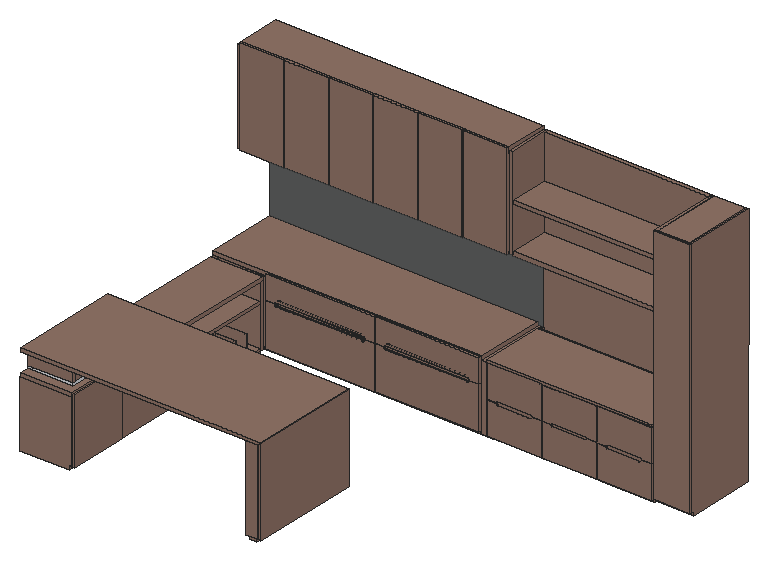
Revit family "T100020", category Furniture, Revit 2022 (continued)
Definition of nested family "OFS SLATE OVERLAY WALLMOUNT ORGANIZER W HINGED DOORS 2H"
  Parameters (values of type "OVERLAY WALLMOUNT ORGANIZER W 6 HINGED DOORS 2H 90"")
    Authoring Version = "Autodesk Revit Architecture 2014"
    Assembly Code = "E2020200"
    6 Doors = yes
    4 Doors = no
    3 Doors = no
    2 Doors = no
  Types (13): name | Width | Model | Description | 6 Doors | 4 Doors | 3 Doors | 2 Doors
    (no name) | 90" | "CA-A9032HDW" | "OFS SLATE OVERLAY WALLMOUNT ORGANIZER WITH 6 HINGED DOORS, 90\" Width, 2 High Cabinet Supports Binder Storage" | yes | no | no | no
    OVERLAY WALLMOUNT ORGANIZER W 2 HINGED DOORS 2H 30" | 30" | "CA-A3032HDW" | "OFS SLATE OVERLAY WALLMOUNT ORGANIZER WITH 2 HINGED DOORS, 30\" Width, 2 High Cabinet Supports Binder Storage" | no | no | no | yes
    OVERLAY WALLMOUNT ORGANIZER W 2 HINGED DOORS 2H 36" | 36" | "CA-A3632HDW" | "OFS SLATE OVERLAY WALLMOUNT ORGANIZER WITH 2 HINGED DOORS, 36\" Width, 2 High Cabinet Supports Binder Storage" | no | no | no | yes
    OVERLAY WALLMOUNT ORGANIZER W 3 HINGED DOORS 2H 54" | 54" | "CA-A5432HDW" | "OFS SLATE OVERLAY WALLMOUNT ORGANIZER WITH 3 HINGED DOORS, 54\" Width, 2 High Cabinet Supports Binder Storage" | no | no | yes | no
    OVERLAY WALLMOUNT ORGANIZER W 4 HINGED DOORS 2H 60" | 60" | "CA-A6032HDW" | "OFS SLATE OVERLAY WALLMOUNT ORGANIZER WITH 4 HINGED DOORS, 60\" Width, 2 High Cabinet Supports Binder Storage" | no | yes | no | no
    OVERLAY WALLMOUNT ORGANIZER W 4 HINGED DOORS 2H 66" | 66" | "CA-A6632HDW" | "OFS SLATE OVERLAY WALLMOUNT ORGANIZER WITH 4 HINGED DOORS, 66\" Width, 2 High Cabinet Supports Binder Storage" | no | yes | no | no
    OVERLAY WALLMOUNT ORGANIZER W 4 HINGED DOORS 2H 72" | 72" | "CA-A7232HDW" | "OFS SLATE OVERLAY WALLMOUNT ORGANIZER WITH 4 HINGED DOORS, 72\" Width, 2 High Cabinet Supports Binder Storage" | no | yes | no | no
    OVERLAY WALLMOUNT ORGANIZER W 4 HINGED DOORS 2H 78" | 78" | "CA-A7832HDW" | "OFS SLATE OVERLAY WALLMOUNT ORGANIZER WITH 4 HINGED DOORS, 78\" Width, 2 High Cabinet Supports Binder Storage" | no | yes | no | no
    OVERLAY WALLMOUNT ORGANIZER W 4 HINGED DOORS 2H 84" | 84" | "CA-A8432HDW" | "OFS SLATE OVERLAY WALLMOUNT ORGANIZER WITH 4 HINGED DOORS, 84\" Width, 2 High Cabinet Supports Binder Storage" | no | yes | no | no
    OVERLAY WALLMOUNT ORGANIZER W 6 HINGED DOORS 2H 90" | 90" | "CA-A9032HDW" | "OFS SLATE OVERLAY WALLMOUNT ORGANIZER WITH 6 HINGED DOORS, 90\" Width, 2 High Cabinet Supports Binder Storage" | yes | no | no | no
    OVERLAY WALLMOUNT ORGANIZER W 6 HINGED DOORS 2H 96" | 96" | "CA-A9632HDW" | "OFS SLATE OVERLAY WALLMOUNT ORGANIZER WITH 6 HINGED DOORS, 96\" Width, 2 High Cabinet Supports Binder Storage" | yes | no | no | no
    OVERLAY WALLMOUNT ORGANIZER W 6 HINGED DOORS 2H 102" | 102" | "CA-A10232HDW" | "OFS SLATE OVERLAY WALLMOUNT ORGANIZER WITH 6 HINGED DOORS, 102\" Width, 2 High Cabinet Supports Binder Storage" | yes | no | no | no
    OVERLAY WALLMOUNT ORGANIZER W 6 HINGED DOORS 2H 108" | 108" | "CA-A10832HDW" | "OFS SLATE OVERLAY WALLMOUNT ORGANIZER WITH 6 HINGED DOORS, 108\" Width, 2 High Cabinet Supports Binder Storage" | yes | no | no | no
  Reference planes (in)
    plane 1 "Center Front/Back": y = 4.5
    plane 2 "Bottom": z = 0
    plane 3 "Center Left/Right": x = 0
    plane 4 "Back": y = 12
    plane 5 "Front": y = -3
    plane 6 "Left": x = -45
    plane 7 "Right": x = 45
    plane 8: z = 81.75
    plane 9: z = 50.25
    plane 10: z = 51.5
    plane 11: z = 80.6875
    plane 12: x = -43.8125
    plane 13: x = 43.8125
    plane 14: y = 11.25
    plane 15: y = -2.25
    plane 16: x = -0.0625
    plane 17: x = 0.0625
    plane 18: x = -43.8125
    plane 19: x = 43.8125
    plane 20: x = -21.90625
    plane 21: x = -21.96875
    plane 22: x = -21.84375
    plane 23: x = 21.90625
    plane 24: x = 21.96875
    plane 25: x = 21.84375
    plane 26: x = -14.60417
    plane 27: x = -14.66667
    plane 28: x = -14.54167
    plane 29: x = 14.60417
    plane 30: x = 14.66667
    plane 31: x = 14.54167
    plane 32: x = -29.20833
    plane 33: x = 29.20833
    plane 34: x = -29.27083
    plane 35: x = -29.14583
    plane 36: x = 29.27083
    plane 37: x = 29.14583
    plane 38: z = 79.9375
    plane 39: x = 44
    plane 40: x = -44
  Forms (in)
    Extrusion 1, solid, material <- "Chasis"
      sketch origin (0, 0, 0) x (1, 0, 0) y (0, 1, 0)
        loop
          line (-43.8125, 12) -> (-43.8125, 11.25) -> (43.8125, 11.25) -> (43.8125, 12) -> (-43.8125, 12)
      from 50.25 to 79.9375
    Extrusion 2, solid, material <- "Chasis"
      sketch origin (0, 0, 0) x (1, 0, 0) y (0, 1, 0)
        loop
          line (-45, 12) -> (-45, -2.25) -> (-43.8125, -2.25) -> (-43.8125, 12) -> (-45, 12)
        loop
          line (43.8125, 12) -> (43.8125, -2.25) -> (45, -2.25) -> (45, 12) -> (43.8125, 12)
      from 50.25 to 80.6875
    Extrusion 3, solid, material <- "Chasis"
      sketch origin (0, 0, 0) x (1, 0, 0) y (0, 1, 0)
        loop
          line (-43.8125, 11.25) -> (-43.8125, -2.25) -> (43.8125, -2.25) -> (43.8125, 11.25) -> (-43.8125, 11.25)
      from 50.25 to 51.5
    Extrusion 4, solid, material <- "Chasis"
      sketch origin (0, 0, 0) x (1, 0, 0) y (0, 1, 0)
        loop
          line (-44, 12) -> (-44, -2.25) -> (44, -2.25) -> (44, 12) -> (-44, 12)
      from 80.6875 to 81.75
    Extrusion 5, solid, material <- "Front Panel Finish", visible <- "4 Doors"
      sketch origin (0, 0, 0) x (0, 1, 0) y (0, 0, 1)
        loop
          line (-3, 81.75) -> (-3, 50.25) -> (-2.625, 50.25) -> (-2.25, 50.625) -> (-2.25, 81.75) -> (-3, 81.75)
      from -43.8125 to -21.96875
    Extrusion 6, solid, material <- "Front Panel Finish", visible <- "6 Doors"
      sketch origin (0, 0, 0) x (0, 1, 0) y (0, 0, 1)
        loop
          line (-3, 81.75) -> (-3, 50.25) -> (-2.625, 50.25) -> (-2.25, 50.625) -> (-2.25, 81.75) -> (-3, 81.75)
      from -43.8125 to -29.27083
    Extrusion 7, solid, material <- "Front Panel Finish", visible <- "4 Doors"
      sketch origin (27, 0, 0) x (0, 1, 0) y (0, 0, 1)
        loop
          line (-3, 81.75) -> (-3, 50.25) -> (-2.625, 50.25) -> (-2.25, 50.625) -> (-2.25, 81.75) -> (-3, 81.75)
      from -48.84375 to -27.0625
    Extrusion 8, solid, material <- "Front Panel Finish", visible <- "4 Doors"
      sketch origin (55, 0, 0) x (0, 1, 0) y (0, 0, 1)
        loop
          line (-3, 81.75) -> (-3, 50.25) -> (-2.625, 50.25) -> (-2.25, 50.625) -> (-2.25, 81.75) -> (-3, 81.75)
      from -54.9375 to -33.03125
    Extrusion 9, solid, material <- "Front Panel Finish", visible <- "4 Doors"
      sketch origin (82, 0, 0) x (0, 1, 0) y (0, 0, 1)
        loop
          line (-3, 81.75) -> (-3, 50.25) -> (-2.625, 50.25) -> (-2.25, 50.625) -> (-2.25, 81.75) -> (-3, 81.75)
      from -60.15625 to -38.1875
    Extrusion 10, solid, material <- "Front Panel Finish", visible <- "3 Doors"
      sketch origin (0, 0, 0) x (0, 1, 0) y (0, 0, 1)
        loop
          line (-3, 81.75) -> (-3, 50.25) -> (-2.625, 50.25) -> (-2.25, 50.625) -> (-2.25, 81.75) -> (-3, 81.75)
      from -43.8125 to -14.54167
    Extrusion 11, solid, material <- "Front Panel Finish", visible <- "3 Doors"
      sketch origin (-17, 0, 0) x (0, 1, 0) y (0, 0, 1)
        loop
          line (-3, 81.75) -> (-3, 50.25) -> (-2.625, 50.25) -> (-2.25, 50.625) -> (-2.25, 81.75) -> (-3, 81.75)
      from 2.33333 to 31.66667
    Extrusion 12, solid, material <- "Front Panel Finish", visible <- "3 Doors"
      sketch origin (-34.25, 0, 0) x (0, 1, 0) y (0, 0, 1)
        loop
          line (-3, 81.75) -> (-3, 50.25) -> (-2.625, 50.25) -> (-2.25, 50.625) -> (-2.25, 81.75) -> (-3, 81.75)
      from 48.79167 to 78.0625
    Extrusion 13, solid, material <- "Front Panel Finish", visible <- "6 Doors"
      sketch origin (17, 0, 0) x (0, 1, 0) y (0, 0, 1)
        loop
          line (-3, 81.75) -> (-3, 50.25) -> (-2.625, 50.25) -> (-2.25, 50.625) -> (-2.25, 81.75) -> (-3, 81.75)
      from -46.14583 to -31.54167
    Extrusion 14, solid, material <- "Front Panel Finish", visible <- "6 Doors"
      sketch origin (35.20833, 0, 0) x (0, 1, 0) y (0, 0, 1)
        loop
          line (-3, 81.75) -> (-3, 50.25) -> (-2.625, 50.25) -> (-2.25, 50.625) -> (-2.25, 81.75) -> (-3, 81.75)
      from -49.875 to -35.27083
    Extrusion 15, solid, material <- "Front Panel Finish", visible <- "6 Doors"
      sketch origin (53.20833, 0, 0) x (0, 1, 0) y (0, 0, 1)
        loop
          line (-3, 81.75) -> (-3, 50.25) -> (-2.625, 50.25) -> (-2.25, 50.625) -> (-2.25, 81.75) -> (-3, 81.75)
      from -53.14583 to -38.54167
    Extrusion 16, solid, material <- "Front Panel Finish", visible <- "6 Doors"
      sketch origin (71.20833, 0, 0) x (0, 1, 0) y (0, 0, 1)
        loop
          line (-3, 81.75) -> (-3, 50.25) -> (-2.625, 50.25) -> (-2.25, 50.625) -> (-2.25, 81.75) -> (-3, 81.75)
      from -56.66667 to -41.9375
    Extrusion 17, solid, material <- "Front Panel Finish", visible <- "6 Doors"
      sketch origin (89.20833, 0, 0) x (0, 1, 0) y (0, 0, 1)
        loop
          line (-3, 81.75) -> (-3, 50.25) -> (-2.625, 50.25) -> (-2.25, 50.625) -> (-2.25, 81.75) -> (-3, 81.75)
      from -60.0625 to -45.39583
    Extrusion 18, solid, material <- "Front Panel Finish", visible <- "2 Doors"
      sketch origin (35.20833, 0, 0) x (0, 1, 0) y (0, 0, 1)
        loop
          line (-3, 81.75) -> (-3, 50.25) -> (-2.625, 50.25) -> (-2.25, 50.625) -> (-2.25, 81.75) -> (-3, 81.75)
      from -79.02083 to -35.27083
    Extrusion 19, solid, material <- "Front Panel Finish", visible <- "2 Doors"
      sketch origin (53.20833, 0, 0) x (0, 1, 0) y (0, 0, 1)
        loop
          line (-3, 81.75) -> (-3, 50.25) -> (-2.625, 50.25) -> (-2.25, 50.625) -> (-2.25, 81.75) -> (-3, 81.75)
      from -53.14583 to -9.39583
    Extrusion 20, solid, material <- "Chasis"
      sketch origin (0, 0, 0) x (1, 0, 0) y (0, 1, 0)
        loop
          line (-43.8125, 12) -> (-43.8125, -2.25) -> (43.8125, -2.25) -> (43.8125, 12) -> (-43.8125, 12)
      from 79.9375 to 80.6875
  Dimensions and locks (in)
    equal spacing: plane 5 "Front", plane 1 "Center Front/Back", plane 4 "Back"
    "Depth": plane 4 "Back" to plane 5 "Front"
    equal spacing: plane 6 "Left", plane 3 "Center Left/Right", plane 7 "Right"
    "Width": plane 6 "Left" to plane 7 "Right"
    "Front Board Thickness": plane 15 to plane 5 "Front"
    "Back Board Thickness": plane 14 to plane 4 "Back"
    "Board Thickness": plane 6 "Left" to plane 12
    "Board Thickness": plane 13 to plane 7 "Right"
    "Top Board Thickness": plane 8 to plane 11
    "Bottom Board Thickness": plane 10 to plane 9
    "Height From Floor": plane 9 to plane 2 "Bottom"
    "Height": plane 8 to plane 9
    equal spacing: plane 16, plane 3 "Center Left/Right", plane 17
    "Gap1": plane 16 to plane 17
    "Board Thickness": plane 6 "Left" to plane 18
    "Board Thickness": plane 19 to plane 7 "Right"
    equal spacing: plane 21, plane 20, plane 22
    "Gap1": plane 21 to plane 22
    equal spacing: plane 18, plane 20, plane 3 "Center Left/Right"
    equal spacing: plane 24, plane 23, plane 25
    equal spacing: plane 19, plane 23, plane 3 "Center Left/Right"
    "Gap1": plane 25 to plane 24
    equal spacing: plane 27, plane 26, plane 28
    "Gap1": plane 27 to plane 28
    equal spacing: plane 30, plane 29, plane 31
    "Gap1": plane 30 to plane 31
    equal spacing: plane 18, plane 26, plane 29, plane 19
    equal spacing: plane 18, plane 32, plane 26
    equal spacing: plane 19, plane 33, plane 29
    equal spacing: plane 34, plane 32, plane 35
    "Gap1": plane 34 to plane 35
    equal spacing: plane 37, plane 33, plane 36
    "Gap1": plane 37 to plane 36
    "Front Board Thickness": plane 11 to plane 38
    locked: plane 13 to plane 39 at 0.1875
    locked: plane 12 to plane 40 at 0.1875
    aligned and locked: level to plane 2 "Bottom"
    aligned and locked: plane 4 "Back" to Extrusion 1 sketch curve
    aligned and locked: Extrusion 1 sketch curve to plane 14
    aligned and locked: plane 4 "Back" to Extrusion 2 sketch curve  (x2)
    aligned and locked: plane 6 "Left" to Extrusion 2 sketch curve
    aligned and locked: plane 15 to Extrusion 2 sketch curve  (x2)
    aligned and locked: plane 7 "Right" to Extrusion 2 sketch curve
    aligned and locked: plane 12 to Extrusion 3 sketch curve
    aligned and locked: plane 14 to Extrusion 3 sketch curve
    aligned and locked: plane 13 to Extrusion 3 sketch curve
    aligned and locked: plane 15 to Extrusion 3 sketch curve
    aligned and locked: plane 10 to Extrusion 3
    aligned and locked: Extrusion 3 to plane 9
    aligned and locked: plane 15 to Extrusion 4 sketch curve
    aligned and locked: Extrusion 5 sketch curve to plane 5 "Front"
    aligned and locked: Extrusion 5 sketch curve to plane 15
    aligned and locked: plane 8 to Extrusion 5 sketch curve
    aligned and locked: Extrusion 5 to plane 18
    aligned and locked: plane 21 to Extrusion 5
    aligned and locked: plane 22 to Extrusion 7
    aligned and locked: plane 16 to Extrusion 7
    aligned and locked: plane 17 to Extrusion 8
    aligned and locked: Extrusion 8 to plane 24
    aligned and locked: Extrusion 9 to plane 25
    aligned and locked: Extrusion 9 to plane 19
    aligned and locked: Extrusion 10 to plane 28
    aligned and locked: Extrusion 10 to plane 18
    aligned and locked: Extrusion 11 to plane 30
    aligned and locked: Extrusion 11 to plane 27
    aligned and locked: Extrusion 12 to plane 19
    aligned and locked: Extrusion 12 to plane 31
    aligned and locked: Extrusion 6 to plane 18
    aligned and locked: plane 34 to Extrusion 6
    aligned and locked: plane 35 to Extrusion 13
    aligned and locked: Extrusion 13 to plane 28
    aligned and locked: Extrusion 14 to plane 27
    aligned and locked: plane 16 to Extrusion 14
    aligned and locked: plane 17 to Extrusion 15
    aligned and locked: Extrusion 15 to plane 30
    aligned and locked: Extrusion 16 to plane 31
    aligned and locked: plane 36 to Extrusion 16
    aligned and locked: plane 37 to Extrusion 17
    aligned and locked: Extrusion 17 to plane 19
    aligned and locked: plane 17 to Extrusion 19
    aligned and locked: plane 16 to Extrusion 18
    aligned and locked: Extrusion 18 to plane 18
    aligned and locked: Extrusion 19 to plane 19
    aligned and locked: plane 4 "Back" to Extrusion 20 sketch curve
    aligned and locked: plane 15 to Extrusion 20 sketch curve
    aligned and locked: plane 12 to Extrusion 2
    aligned and locked: plane 13 to Extrusion 2
    aligned and locked: Extrusion 4 to plane 40
    aligned and locked: Extrusion 1 to plane 12
    aligned and locked: Extrusion 20 to plane 12
    aligned and locked: Extrusion 1 to plane 13
    aligned and locked: Extrusion 20 to plane 13
    aligned and locked: plane 8 to Extrusion 4
    aligned and locked: plane 11 to Extrusion 2
    aligned and locked: Extrusion 4 to plane 11
    aligned and locked: plane 11 to Extrusion 20
    aligned and locked: Extrusion 20 to plane 38
    aligned and locked: plane 38 to Extrusion 1
    aligned and locked: Extrusion 2 to plane 9
    aligned and locked: Extrusion 1 to plane 9
  Automatic sketch dimensions
    plane 4 "Back" to Extrusion 4 sketch curve = 0"
    Extrusion 5 sketch curve to plane 9 = 0"
    plane 5 "Front" to Extrusion 5 sketch curve = 3/8"
    plane 9 to Extrusion 5 sketch curve = 3/8"
    Extrusion 6 sketch curve to plane 5 "Front" = 0"
    Extrusion 6 sketch curve to plane 9 = 0"
    Extrusion 6 sketch curve to plane 8 = 0"
    Extrusion 6 sketch curve to plane 15 = 0"
    plane 5 "Front" to Extrusion 6 sketch curve = 3/8"
    plane 9 to Extrusion 6 sketch curve = 3/8"
    Extrusion 7 sketch curve to plane 5 "Front" = 0"
    Extrusion 7 sketch curve to plane 9 = 0"
    Extrusion 7 sketch curve to plane 8 = 0"
    Extrusion 7 sketch curve to plane 15 = 0"
    plane 5 "Front" to Extrusion 7 sketch curve = 3/8"
    plane 9 to Extrusion 7 sketch curve = 3/8"
    Extrusion 8 sketch curve to plane 5 "Front" = 0"
    Extrusion 8 sketch curve to plane 9 = 0"
    Extrusion 8 sketch curve to plane 8 = 0"
    Extrusion 8 sketch curve to plane 15 = 0"
    plane 5 "Front" to Extrusion 8 sketch curve = 3/8"
    plane 9 to Extrusion 8 sketch curve = 3/8"
    Extrusion 9 sketch curve to plane 5 "Front" = 0"
    Extrusion 9 sketch curve to plane 9 = 0"
    Extrusion 9 sketch curve to plane 8 = 0"
    Extrusion 9 sketch curve to plane 15 = 0"
    plane 5 "Front" to Extrusion 9 sketch curve = 3/8"
    plane 9 to Extrusion 9 sketch curve = 3/8"
    Extrusion 10 sketch curve to plane 5 "Front" = 0"
    Extrusion 10 sketch curve to plane 9 = 0"
    Extrusion 10 sketch curve to plane 8 = 0"
    Extrusion 10 sketch curve to plane 15 = 0"
    plane 5 "Front" to Extrusion 10 sketch curve = 3/8"
    plane 9 to Extrusion 10 sketch curve = 3/8"
    Extrusion 11 sketch curve to plane 5 "Front" = 0"
    Extrusion 11 sketch curve to plane 9 = 0"
    Extrusion 11 sketch curve to plane 8 = 0"
    Extrusion 11 sketch curve to plane 15 = 0"
    Extrusion 11 sketch curve to Extrusion 11 sketch curve = 3/8"
    plane 9 to Extrusion 11 sketch curve = 3/8"
    Extrusion 12 sketch curve to plane 5 "Front" = 0"
    Extrusion 12 sketch curve to plane 9 = 0"
    Extrusion 12 sketch curve to plane 8 = 0"
    Extrusion 12 sketch curve to plane 15 = 0"
    Extrusion 12 sketch curve to Extrusion 12 sketch curve = 3/8"
    plane 9 to Extrusion 12 sketch curve = 3/8"
    Extrusion 13 sketch curve to plane 5 "Front" = 0"
    Extrusion 13 sketch curve to plane 9 = 0"
    Extrusion 13 sketch curve to plane 8 = 0"
    Extrusion 13 sketch curve to plane 15 = 0"
    plane 5 "Front" to Extrusion 13 sketch curve = 3/8"
    plane 9 to Extrusion 13 sketch curve = 3/8"
    Extrusion 14 sketch curve to plane 5 "Front" = 0"
    Extrusion 14 sketch curve to plane 9 = 0"
    Extrusion 14 sketch curve to plane 8 = 0"
    Extrusion 14 sketch curve to plane 15 = 0"
    plane 5 "Front" to Extrusion 14 sketch curve = 3/8"
    plane 9 to Extrusion 14 sketch curve = 3/8"
    Extrusion 15 sketch curve to plane 5 "Front" = 0"
    Extrusion 15 sketch curve to plane 9 = 0"
    Extrusion 15 sketch curve to plane 8 = 0"
    Extrusion 15 sketch curve to plane 15 = 0"
    plane 5 "Front" to Extrusion 15 sketch curve = 3/8"
    plane 9 to Extrusion 15 sketch curve = 3/8"
    Extrusion 16 sketch curve to plane 5 "Front" = 0"
    Extrusion 16 sketch curve to plane 9 = 0"
    Extrusion 16 sketch curve to plane 8 = 0"
    Extrusion 16 sketch curve to plane 15 = 0"
    plane 5 "Front" to Extrusion 16 sketch curve = 3/8"
    plane 9 to Extrusion 16 sketch curve = 3/8"
    Extrusion 17 sketch curve to plane 5 "Front" = 0"
    Extrusion 17 sketch curve to plane 9 = 0"
    Extrusion 17 sketch curve to plane 8 = 0"
    Extrusion 17 sketch curve to plane 15 = 0"
    plane 5 "Front" to Extrusion 17 sketch curve = 3/8"
    plane 9 to Extrusion 17 sketch curve = 3/8"
    Extrusion 18 sketch curve to plane 5 "Front" = 0"
    Extrusion 18 sketch curve to plane 9 = 0"
    Extrusion 18 sketch curve to plane 8 = 0"
    Extrusion 18 sketch curve to plane 15 = 0"
    plane 5 "Front" to Extrusion 18 sketch curve = 3/8"
    plane 9 to Extrusion 18 sketch curve = 3/8"
    Extrusion 19 sketch curve to plane 5 "Front" = 0"
    Extrusion 19 sketch curve to plane 9 = 0"
    Extrusion 19 sketch curve to plane 8 = 0"
    Extrusion 19 sketch curve to plane 15 = 0"
    plane 5 "Front" to Extrusion 19 sketch curve = 3/8"
    plane 9 to Extrusion 19 sketch curve = 3/8"
    plane 13 to Extrusion 1 sketch curve = 0"
    plane 12 to Extrusion 1 sketch curve = 0"
    plane 12 to Extrusion 20 sketch curve = 0"
    plane 13 to Extrusion 20 sketch curve = 0"
    plane 13 to Extrusion 2 sketch curve = 0"
    plane 12 to Extrusion 2 sketch curve = 0"
    Extrusion 4 sketch curve to plane 13 = 3/16"
    Extrusion 4 sketch curve to plane 12 = 3/16"
Definition of nested family "OFS SLATE WORKWALL LOW HEIGHT CORNER DOCK"
  Parameters (values of type "SLATE WORKWALL LOW HEIGHT OVERLAY CORNER DOCK-CREDENZA LATERAL FILE 90W Left")
    Width [instance] = 90"
    URL = "http://www.ofs.com/"
    Top [instance] = none
    Right Sided = no
    Panel [instance] = none
    Model = "CA-AB9025LCDFSBF"
    Manufacturer = "OFS"
    Length 2 = 34 3/16"
    Length 1 = 16 1/4"
    Left Sided = yes
    Height = 24 1/2"
    Glides [instance] = none
    Drawers [instance] = none
    Description = "OFS SLATE WORKWALL LOW HEIGHT OVERLAY CORNER DOCK - CREDENZA LATERAL FILE,  90\" Width, Left Sided"
    Depth = 25.50068"
    Default Elevation = 0"
    Copyright © = "© 2019 OFS"
    Catalog = "OFS"
    Case [instance] = none
    Base [instance] = none
    Authoring Version = "Autodesk Revit Architecture 2014"
    Assembly Code = "E2020200"
  Types (5): name | Width | Right Sided | Model | Length 2 | Length 1 | Left Sided | Description
    (no name) | 90" | no | "CA-AB9025LCDFSBF" | 34 3/16" | 16 1/4" | yes | "OFS SLATE WORKWALL LOW HEIGHT OVERLAY CORNER DOCK - CREDENZA LATERAL FILE,  90\" Width, Left Sided"
    SLATE WORKWALL LOW HEIGHT OVERLAY CORNER DOCK-CREDENZA LATERAL FILE 72W Left | 78" | no | "CA-AB7825LCDFSBF" | 28 3/16" | 16 1/4" | yes | "OFS SLATE WORKWALL LOW HEIGHT OVERLAY CORNER DOCK - CREDENZA LATERAL FILE,  72\" Width, Left Sided"
    SLATE WORKWALL LOW HEIGHT OVERLAY CORNER DOCK-CREDENZA LATERAL FILE 72W Right | 78" | yes | "CA-AB7825RCDFSBF" | 16 1/4" | 28 3/16" | no | "OFS SLATE WORKWALL LOW HEIGHT OVERLAY CORNER DOCK - CREDENZA LATERAL FILE,  72\" Width, Right Sided"
    SLATE WORKWALL LOW HEIGHT OVERLAY CORNER DOCK-CREDENZA LATERAL FILE 90W Right | 90" | yes | "CA-AB9025RCDFSBF" | 16 1/4" | 34 3/16" | no | "OFS SLATE WORKWALL LOW HEIGHT OVERLAY CORNER DOCK - CREDENZA LATERAL FILE,  90\" Width, Right Sided"
    SLATE WORKWALL LOW HEIGHT OVERLAY CORNER DOCK-CREDENZA LATERAL FILE 90W Left | 90" | no | "CA-AB9025LCDFSBF" | 34 3/16" | 16 1/4" | yes | "OFS SLATE WORKWALL LOW HEIGHT OVERLAY CORNER DOCK - CREDENZA LATERAL FILE,  90\" Width, Left Sided"
  Reference planes (in)
    plane 1 "Center (Front/Back)": y = 0
    plane 2: z = 0
    plane 3 "Left": x = -30
    plane 4: x = 59.25
    plane 5: x = 60
    plane 6: x = -29.25
    plane 7: y = -23.91406
    plane 8: y = -25.50068
    plane 9: y = -23.03906
    plane 10: x = -29.875
    plane 11: x = 59.875
    plane 12: z = 0.45
    plane 13: z = 24.5
    plane 14: y = -1.38677
    plane 15: y = -21.16406
    plane 16: y = -11.5625
    plane 17: x = 15
    plane 18: x = -11.9375
    plane 19: x = 24
    plane 20: x = -28.1875
    plane 21: x = 58.1875
    plane 22: x = 58.0625
    plane 23: z = 22.125
    plane 24: x = -28.0625
    plane 25: x = -15.4375
    plane 26: x = -24.5625
    plane 27: x = 27.5
    plane 28: x = 54.5625
    plane 29: x = -8.4375
    plane 30: x = 20.5
  Forms (in)
    Revolve 1, solid, material <- "Glides"
      sketch origin (1.0178, -1.38677, 47.24409) x (-1, 0, 0) y (0, 0, 1)
        loop
          line (30.04905, -46.79409) -> (30.04905, -47.24409) -> (30.29405, -47.24409)
          arc (30.29405, -47.24409) -> (30.42215, -47.13626) -> (30.33773, -46.99165) r 0.13
          line (30.33773, -46.99165) -> (30.29905, -46.99165) -> (30.29905, -46.79409) -> (30.04905, -46.79409)
        axis (30.04905, -46.79409) -> (30.04905, -47.24409)
      angle from 0 to 360
    Revolve 2, solid, material <- "Glides"
      sketch origin (70.9822, -1.38677, 47.24409) x (1, 0, 0) y (0, 0, -1)
        loop
          line (-11.95095, 46.79409) -> (-11.70095, 46.79409) -> (-11.70095, 46.99165) -> (-11.66227, 46.99165)
          arc (-11.66227, 46.99165) -> (-11.57785, 47.13626) -> (-11.70595, 47.24409) r 0.13
          line (-11.70595, 47.24409) -> (-11.95095, 47.24409) -> (-11.95095, 46.79409)
        axis (-11.95095, 46.79409) -> (-11.95095, 47.24409)
      angle from 0 to 360
    Revolve 3, solid, material <- "Glides"
      sketch origin (1.0178, -21.16406, 47.24409) x (-1, 0, 0) y (0, 0, 1)
        loop
          line (-58.01344, -46.79409) -> (-58.26344, -46.79409) -> (-58.26344, -46.99165) -> (-58.30212, -46.99165)
          arc (-58.30212, -46.99165) -> (-58.38654, -47.13626) -> (-58.25844, -47.24409) r 0.13
          line (-58.25844, -47.24409) -> (-58.01344, -47.24409) -> (-58.01344, -46.79409)
        axis (-58.01344, -46.79409) -> (-58.01344, -47.24409)
      angle from 0 to 360
    Revolve 4, solid, material <- "Glides"
      sketch origin (1.0178, -21.16406, 47.24409) x (-1, 0, 0) y (0, 0, 1)
        loop
          line (30.04905, -46.79409) -> (30.04905, -47.24409) -> (30.29405, -47.24409)
          arc (30.29405, -47.24409) -> (30.42215, -47.13626) -> (30.33773, -46.99165) r 0.13
          line (30.33773, -46.99165) -> (30.29905, -46.99165) -> (30.29905, -46.79409) -> (30.04905, -46.79409)
        axis (30.04905, -46.79409) -> (30.04905, -47.24409)
      angle from 0 to 360
    Sweep 5, solid, material <- "Panel"
      path origin (-60.07556, -60, 0.45) x (-1, 0, 0) y (0, -1, 0)
        loop
          line (-120.07556, -36.96094) -> (-30.07556, -36.96094)
      profile origin (15, -23.03906, 0.45) x (0, -1, 0) y (0, 0, 1)
        loop
          line (-0.75, 0) -> (0, 0) -> (0, 1.25) -> (-0.75, 1.25) -> (-0.75, 0)
    Extrusion 6, solid, material <- "Case"
      sketch origin (-30, 0, 0) x (0, 1, 0) y (0, 0, 1)
        loop
          line (0, 22.125) -> (-0.76133, 22.125) -> (-0.76133, 0.45) -> (0, 0.45) -> (0, 22.125)
      from 1.9375 to 88.0625
    Extrusion 7, solid, material <- "Panel"
      sketch origin (0, 0, 0) x (1, 0, 0) y (0, 0, 1)
        loop
          line (-30, 23.3125) -> (-30, 1.7) -> (-28.0625, 1.7) -> (-28.0625, 23.3125) -> (-30, 23.3125)
        loop
          line (58.0625, 23.3125) -> (58.0625, 1.7) -> (60, 1.7) -> (60, 23.3125) -> (58.0625, 23.3125)
      from 0 to 24.75
    Extrusion 8, solid, material <- "Base"
      sketch origin (-3.76383, -25.50068, 47.24409) x (-1, 0, 0) y (0, 0, 1)
        loop
          line (24.29867, -44.79409) -> (-61.82633, -44.79409) -> (-61.82633, -45.54409) -> (24.29867, -45.54409) -> (24.29867, -44.79409)
      from 0.83661 to 24.83661
    Extrusion 9, solid, material <- "Top", visible <- "Right Sided"
      sketch origin (-28.1875, -27.03977, 47.24409) x (0, -1, 0) y (0, 0, 1)
        loop
          line (-25.653, -22.74409) -> (-25.653, -23.9316) -> (-2.3757, -23.9316) -> (-2.3757, -22.74409) -> (-25.653, -22.74409)
      from 0 to -88.1875
    Extrusion 10, solid, material <- "Panel"
      sketch origin (-60.07556, -60, 0.45) x (-1, 0, 0) y (0, -1, 0)
        loop
          line (-32.01306, -38.89844) -> (-32.01306, -60) -> (-30.07556, -60) -> (-30.07556, -36.96094) -> (-32.01306, -38.89844)
        loop
          line (-118.13806, -38.89844) -> (-120.07556, -36.96094) -> (-120.07556, -60) -> (-118.13806, -60) -> (-118.13806, -38.89844)
      from 0 to 1.25
    Extrusion 11, solid, material <- "Drawers", visible <- "Left Sided"
      sketch origin (-3.76383, -25.50068, 47.24409) x (-1, 0, 0) y (0, 0, 1)
        loop
          line (-27.70133, -22.8066) -> (-27.70133, -30.57535) -> (8.11117, -30.57535) -> (8.11117, -22.8066) -> (-27.70133, -22.8066)
        loop
          line (-27.70133, -30.70035) -> (-27.70133, -44.79409) -> (8.11117, -44.79409) -> (8.11117, -30.70035) -> (-27.70133, -30.70035)
        loop
          line (-61.82633, -22.8066) -> (-61.82633, -30.57535) -> (-27.82633, -30.57535) -> (-27.82633, -22.8066) -> (-61.82633, -22.8066)
        loop
          line (-61.82633, -30.70035) -> (-61.82633, -44.79409) -> (-27.82633, -44.79409) -> (-27.82633, -30.70035) -> (-61.82633, -30.70035)
      from 0 to 0.75
    Extrusion 12, solid, material <- "Drawers", visible <- "Right Sided"
      sketch origin (0, 0, 0) x (1, 0, 0) y (0, 0, 1)
        loop
          line (-28.0625, 2.45) -> (-12, 2.45) -> (-12, 16.54375) -> (-28.0625, 16.54375) -> (-28.0625, 2.45)
        loop
          line (-11.875, 24.5) -> (-11.875, 16.66875) -> (23.9375, 16.66875) -> (23.9375, 24.5) -> (-11.875, 24.5)
        loop
          line (23.9375, 16.54375) -> (-11.875, 16.54375) -> (-11.875, 2.45) -> (23.9375, 2.45) -> (23.9375, 16.54375)
        loop
          line (-12, 24.5) -> (-28.0625, 24.5) -> (-28.0625, 16.66875) -> (-12, 16.66875) -> (-12, 24.5)
      from 24.75068 to 25.50068
    Extrusion 13, solid, material <- "Panel", visible <- "Left Sided"
      sketch origin (0, 0, 0) x (1, 0, 0) y (0, 0, 1)
        loop
          line (-12, 2.45) -> (-12, 23.3125) -> (-28.0625, 23.3125) -> (-28.0625, 2.45) -> (-12, 2.45)
        loop
          line (-15.4375, 6.825) -> (-15.4375, 18.075)
          arc (-15.4375, 18.075) -> (-15.54733, 18.34017) -> (-15.8125, 18.45) r 0.375
          line (-15.8125, 18.45) -> (-24.1875, 18.45)
          arc (-24.1875, 18.45) -> (-24.45267, 18.34017) -> (-24.5625, 18.075) r 0.375
          line (-24.5625, 18.075) -> (-24.5625, 6.825)
          arc (-24.5625, 6.825) -> (-24.45267, 6.55984) -> (-24.1875, 6.45) r 0.375
          line (-24.1875, 6.45) -> (-15.8125, 6.45)
          arc (-15.8125, 6.45) -> (-15.54733, 6.55984) -> (-15.4375, 6.825) r 0.375
      from 23.91406 to 24.75
    Extrusion 14, solid, material <- "Panel", visible <- "Right Sided"
      sketch origin (0, 0, 0) x (1, 0, 0) y (0, 0, 1)
        loop
          line (54.5625, 6.825) -> (54.5625, 18.075)
          arc (54.5625, 18.075) -> (54.45267, 18.34017) -> (54.1875, 18.45) r 0.375
          line (54.1875, 18.45) -> (27.875, 18.45)
          arc (27.875, 18.45) -> (27.60983, 18.34017) -> (27.5, 18.075) r 0.375
          line (27.5, 18.075) -> (27.5, 6.825)
          arc (27.5, 6.825) -> (27.60983, 6.55984) -> (27.875, 6.45) r 0.375
          line (27.875, 6.45) -> (54.1875, 6.45)
          arc (54.1875, 6.45) -> (54.45267, 6.55984) -> (54.5625, 6.825) r 0.375
        loop
          line (24, 1.7) -> (58.0625, 1.7) -> (58.0625, 23.3125) -> (24, 23.3125) -> (24, 1.7)
      from 23.91406 to 24.75
    Extrusion 15, solid, material <- "Top", visible <- "Left Sided"
      sketch origin (-28.1875, -27.03977, 50.99409) x (0, -1, 0) y (0, 0, 1)
        loop
          line (-25.653, -26.49409) -> (-25.653, -27.6816) -> (-2.3757, -27.6816) -> (-2.3757, -26.49409) -> (-25.653, -26.49409)
      from 1.8125 to -86.375
    Sweep 16, void
      path origin (-11.75673, -25.50068, 53.13159) x (-1, 0, 0) y (0, 0, 1)
        loop
          line (-3.31923, -35.71358) -> (-32.25673, -35.71358)
          arc (-32.25673, -35.71358) -> (-33.06849, -36.52535) -> (-32.25673, -37.33711) r 0.81176
          line (-32.25673, -37.33711) -> (-3.31923, -37.33711)
          arc (-3.31923, -37.33711) -> (-2.50746, -36.52535) -> (-3.31923, -35.71358) r 0.81176
      profile origin (6.03125, -25.50068, 17.41801) x (0, 0, -1) y (0, 1, 0)
        loop
          line (0.74926, 0) -> (0.74926, 0.59375) -> (0.23364, 0.59375)
          arc (0.23364, 0.59375) -> (0.00071, 0.38112) -> (0.19126, 0.12981) r 0.2339
          arc (0.19126, 0.12981) -> (0.23287, 0.10547) -> (0.24927, 0.06015) r 0.07084
          line (0.24927, 0.06015) -> (0.24927, 0) -> (0.74926, 0)
    Sweep 17, void
      path origin (-45.75673, -25.50068, 53.13159) x (-1, 0, 0) y (0, 0, 1)
        loop
          line (-21.19423, -35.71358) -> (-30.31923, -35.71358)
          arc (-30.31923, -35.71358) -> (-31.13099, -36.52535) -> (-30.31923, -37.33711) r 0.81176
          line (-30.31923, -37.33711) -> (-21.19423, -37.33711)
          arc (-21.19423, -37.33711) -> (-20.38246, -36.52535) -> (-21.19423, -35.71358) r 0.81176
      profile origin (-20, -25.50068, 17.41801) x (0, 0, -1) y (0, 1, 0)
        loop
          line (0.74926, 0) -> (0.74926, 0.59375) -> (0.23364, 0.59375)
          arc (0.23364, 0.59375) -> (0.00071, 0.38112) -> (0.19126, 0.12981) r 0.2339
          arc (0.19126, 0.12981) -> (0.23287, 0.10547) -> (0.24927, 0.06015) r 0.07084
          line (0.24927, 0.06015) -> (0.24927, 0) -> (0.74926, 0)
    Sweep 18, void
      path origin (24.24327, -25.50068, 53.13159) x (-1, 0, 0) y (0, 0, 1)
        loop
          line (-3.25673, -35.71358) -> (-30.31923, -35.71358)
          arc (-30.31923, -35.71358) -> (-31.13099, -36.52535) -> (-30.31923, -37.33711) r 0.81176
          line (-30.31923, -37.33711) -> (-3.25673, -37.33711)
          arc (-3.25673, -37.33711) -> (-2.44496, -36.52535) -> (-3.25673, -35.71358) r 0.81176
      profile origin (41.03125, -25.50068, 17.41801) x (0, 0, -1) y (0, 1, 0)
        loop
          line (0.74926, 0) -> (0.74926, 0.59375) -> (0.23364, 0.59375)
          arc (0.23364, 0.59375) -> (0.00071, 0.38112) -> (0.19126, 0.12981) r 0.2339
          arc (0.19126, 0.12981) -> (0.23287, 0.10547) -> (0.24927, 0.06015) r 0.07084
          line (0.24927, 0.06015) -> (0.24927, 0) -> (0.74926, 0)
    Extrusion 19, void
      sketch origin (-30, 0, 0) x (0, 1, 0) y (0, 0, 1)
        loop
          line (0, 24.5) -> (-1.38677, 24.5) -> (-1.38677, 22.125) -> (0, 22.125) -> (0, 24.5)
      from -9.22374 to 96.63741
  Cuts and joins
    joined: Revolve 1, Revolve 2, Revolve 3, Revolve 4
    joined: Sweep 5, Extrusion 10
    Sweep 16, Sweep 17 cuts Extrusion 12
    Sweep 16, Sweep 18 cuts Extrusion 11
    Extrusion 19 cuts Extrusion 7
  Lines and regions (in)
    Masking region 1
      outline origin (77.82463, -60, 24.5) x (0, -1, 0) y (1, 0, 0)
        loop
          line (-60, -107.82463) -> (-34.49932, -107.82463) -> (-34.49932, -17.82463) -> (-60, -17.82463) -> (-60, -107.82463)
  Dimensions and locks (in)
    "Width": plane 3 "Left" to plane 5
    equal spacing: plane 3 "Left", plane 17, plane 5
    locked: Extrusion 7 sketch curve to plane 3 "Left" at 1.9375
    locked: plane 20 to Extrusion 8 sketch curve at 0.125
    Extrusion 10 sketch curve to Extrusion 10 sketch curve to plane 9 = 0" locked, 1 15/16" locked
    locked: plane 3 "Left" to Extrusion 10 sketch curve at 1.9375
    plane 3 "Left" to plane 10 to plane 6 to plane 20 to plane 24 = 1/8" locked, 5/8" locked, 1 1/16" locked, 1/8" locked
    plane 22 to plane 21 to plane 4 to plane 11 to plane 5 = 1/8" locked, 1 1/16" locked, 5/8" locked, 1/8" locked
    "Length 1": plane 20 to plane 18
    "Length 2": plane 19 to plane 21
    locked: plane 23 to plane 13 at 2.375
    locked: plane 18 to Extrusion 11 sketch curve at 0.0625
    Extrusion 11 sketch curve to plane 19 to Extrusion 11 sketch curve = 1/16" locked, 1/16" locked
    "Depth": plane 8 to plane 1 "Center (Front/Back)"
    "Height": plane 13 to level
    Extrusion 12 sketch curve to plane 18 to Extrusion 11 = 1/16" locked, 1/16" locked
    locked: plane 19 to Extrusion 12 sketch curve at 0.0625
    locked: plane 18 to Extrusion 12 at 0.0625
    locked: plane 24 to plane 26 at 3.5
    locked: plane 25 to plane 18 at 3.5
    locked: plane 22 to plane 28 at 3.5
    locked: plane 27 to plane 19 at 3.5
    locked: plane 19 to Extrusion 11 at 0.0625
    locked: plane 18 to plane 29 at 3.5
    locked: plane 19 to plane 30 at 3.5
    aligned and locked: level to plane 2
    aligned and locked: plane 9 to Sweep 5 sketch curve
    aligned and locked: Extrusion 6 to plane 22
    aligned and locked: Extrusion 7 sketch curve to plane 22
    aligned and locked: Extrusion 10 sketch curve to plane 22
    aligned and locked: plane 5 to Extrusion 10 sketch curve
    aligned and locked: plane 9 to Extrusion 10 sketch curve  (x2)
    aligned and locked: Extrusion 10 sketch curve to plane 3 "Left"
    aligned and locked: plane 22 to Extrusion 8 sketch curve
    aligned and locked: Masking region 1 sketch curve to Extrusion 7
    aligned and locked: Extrusion 11 sketch curve to Extrusion 11 sketch curve  (x4)
    aligned and locked: Extrusion 11 sketch curve to plane 22
    aligned and locked: Extrusion 9 to Extrusion 12 sketch curve
    aligned and locked: plane 13 to Extrusion 12 sketch curve
    aligned and locked: Extrusion 13 sketch curve to plane 24
    aligned and locked: Extrusion 13 sketch curve to plane 26
    aligned and locked: plane 28 to Extrusion 14 sketch curve
    aligned and locked: plane 27 to Extrusion 14 sketch curve
    aligned and locked: Extrusion 14 sketch curve to plane 22
    aligned and locked: Extrusion 15 to plane 3 "Left"
    aligned and locked: plane 21 to Extrusion 15
    aligned and locked: Extrusion 9 to plane 5
    aligned and locked: plane 30 to Sweep 16 sketch curve
    aligned and locked: plane 29 to Sweep 16 sketch curve
    aligned and locked: plane 26 to Sweep 17 sketch curve
    aligned and locked: plane 25 to Sweep 17 sketch curve
    aligned and locked: plane 27 to Sweep 18 sketch curve
    aligned and locked: plane 28 to Sweep 18 sketch curve
    aligned and locked: Extrusion 19 sketch curve to plane 13
    aligned and locked: Extrusion 19 sketch curve to plane 1 "Center (Front/Back)"
    aligned and locked: Extrusion 19 sketch curve to Extrusion 9
    aligned and locked: Extrusion 19 to Extrusion 6
    aligned and locked: Extrusion 7 sketch curve to Extrusion 13
  Automatic sketch dimensions
    Revolve 1 sketch curve to plane 12 = 0"
    Revolve 1 sketch curve to level = 0"  (x2)
    Revolve 1 sketch curve to plane 6 = 7/32"
    plane 6 to Revolve 1 sketch curve = 0.02625"
    plane 6 to Revolve 1 sketch curve = 1/32"
    Revolve 1 sketch curve to Revolve 1 sketch curve = 0.03868"
    Revolve 1 sketch curve to Revolve 1 sketch curve = 0.13"
    Revolve 1 sketch curve to Revolve 1 sketch curve = 0"
    Revolve 1 sketch curve to level = 0.09316"
    Revolve 2 sketch curve to plane 12 = 0"
    Revolve 2 sketch curve to level = 0"  (x2)
    Revolve 2 sketch curve to plane 4 = 7/32"
    plane 4 to Revolve 2 sketch curve = 0.02625"
    plane 4 to Revolve 2 sketch curve = 1/32"
    Revolve 2 sketch curve to Revolve 2 sketch curve = 0.03868"
    Revolve 2 sketch curve to plane 12 = 0.19756"
    Revolve 2 sketch curve to Revolve 2 sketch curve = 0"
    Revolve 2 sketch curve to Revolve 2 sketch curve = 0.09316"
    Revolve 3 sketch curve to plane 12 = 0"
    Revolve 3 sketch curve to level = 0"  (x2)
    plane 4 to Revolve 3 sketch curve = 0.06992"
    plane 4 to Revolve 3 sketch curve = 1/32"
    plane 4 to Revolve 3 sketch curve = 0.02625"
    Revolve 3 sketch curve to plane 4 = 7/32"
    level to Revolve 3 sketch curve = 0.13"
    Revolve 3 sketch curve to Revolve 3 sketch curve = 0"
    Revolve 3 sketch curve to Revolve 3 sketch curve = 0.09316"
    Revolve 4 sketch curve to plane 12 = 0"
    Revolve 4 sketch curve to level = 0"  (x2)
    Revolve 4 sketch curve to plane 6 = 7/32"
    plane 6 to Revolve 4 sketch curve = 0.02625"
    plane 6 to Revolve 4 sketch curve = 1/32"
    Revolve 4 sketch curve to Revolve 4 sketch curve = 0.03868"
    Revolve 4 sketch curve to Revolve 4 sketch curve = 0.13"
    Revolve 4 sketch curve to Revolve 4 sketch curve = 0"
    Revolve 4 sketch curve to level = 0.09316"
    Sweep 5 sketch curve to plane 5 = 0"
    Sweep 5 sketch curve to plane 3 "Left" = 0"
    Sweep 5 sketch curve to plane 12 = 0"
    Sweep 5 sketch curve to profile plane = 0"
    profile plane to Sweep 5 sketch curve = 3/4"
    Sweep 5 sketch curve to Sweep 5 sketch curve = 1 1/4"
    Extrusion 6 sketch curve to plane 12 = 0"
    Extrusion 6 sketch curve to plane 1 "Center (Front/Back)" = 0"
    plane 14 to Extrusion 6 sketch curve = 0.62544"
    Extrusion 6 sketch curve to plane 23 = 0"
    Extrusion 7 sketch curve to plane 3 "Left" = 0"
    plane 5 to Extrusion 7 sketch curve = 0"
    plane 12 to Extrusion 7 sketch curve = 1 1/4"  (x2)
    Extrusion 7 sketch curve to plane 23 = 1 3/16"
    plane 12 to Extrusion 8 sketch curve = 1 1/4"
    Extrusion 8 sketch curve to Extrusion 8 sketch curve = 3/4"
    plane 1 "Center (Front/Back)" to Extrusion 9 sketch curve = 1.38677"
    plane 13 to Extrusion 9 sketch curve = 0"
    Extrusion 9 sketch curve to plane 7 = 3/4"
    Extrusion 9 sketch curve to plane 23 = 1 3/16"
    Extrusion 10 sketch curve to plane 1 "Center (Front/Back)" = 0"
    plane 1 "Center (Front/Back)" to Extrusion 10 sketch curve = 0"
    Masking region 1 sketch curve to plane 3 "Left" = 0"
    Masking region 1 sketch curve to plane 8 = 0"
    Masking region 1 sketch curve to plane 5 = 0"
    plane 12 to Extrusion 11 sketch curve = 2"  (x2)
    plane 23 to Extrusion 11 sketch curve = 5.58125"  (x2)
    Extrusion 11 sketch curve to Extrusion 11 sketch curve = 1/8"  (x2)
    plane 13 to Extrusion 11 sketch curve = 1/16"  (x2)
    plane 24 to Extrusion 12 sketch curve = 0"  (x2)
    plane 18 to Extrusion 12 sketch curve = 1/16"
    Extrusion 12 sketch curve to plane 18 = 1/16"  (x2)
    Extrusion 12 sketch curve to plane 19 = 1/16"
    plane 23 to Extrusion 12 sketch curve = 5.45625"
    Extrusion 12 sketch curve to Extrusion 12 sketch curve = 0"  (x2)
    Extrusion 12 sketch curve to Extrusion 12 sketch curve = 1/8"  (x2)
    plane 12 to Extrusion 12 sketch curve = 2"
    plane 25 to Extrusion 13 sketch curve = 0"
    Extrusion 13 sketch curve to plane 26 = 3/8"  (x2)
    plane 25 to Extrusion 13 sketch curve = 3/8"  (x2)
    plane 18 to Extrusion 13 sketch curve = 1/16"
    plane 12 to Extrusion 13 sketch curve = 2"
    Extrusion 13 sketch curve to Extrusion 13 sketch curve = 4"
    plane 23 to Extrusion 13 sketch curve = 4.05"
    Extrusion 13 sketch curve to plane 23 = 1 3/16"
    Extrusion 14 sketch curve to plane 19 = 0"
    plane 27 to Extrusion 14 sketch curve = 3/8"
    Extrusion 14 sketch curve to Extrusion 14 sketch curve = 3/8"
    Extrusion 14 sketch curve to plane 28 = 3/8"  (x2)
    plane 12 to Extrusion 14 sketch curve = 1 1/4"
    plane 12 to Extrusion 14 sketch curve = 6"
    plane 23 to Extrusion 14 sketch curve = 4.05"
    Extrusion 14 sketch curve to plane 23 = 1 3/16"
    plane 1 "Center (Front/Back)" to Extrusion 15 sketch curve = 1.38677"
    plane 13 to Extrusion 15 sketch curve = 0"
    Extrusion 15 sketch curve to plane 7 = 3/4"
    Extrusion 15 sketch curve to plane 23 = 1 3/16"
    plane 23 to Sweep 16 sketch curve = 6.33052"
    Sweep 16 sketch curve to Sweep 16 sketch curve = 0.81176"
    Sweep 16 sketch curve to profile plane = 0"
    profile plane to Sweep 16 sketch curve = 0.06015"
    Sweep 16 sketch curve to profile plane = 0.17843"
    Sweep 16 sketch curve to profile plane = 0.23364"
    Sweep 16 sketch curve to Sweep 16 sketch curve = 0.07084"
    Sweep 16 sketch curve to Sweep 16 sketch curve = 33/64"
    Sweep 16 sketch curve to Sweep 16 sketch curve = 0.2997"
    Sweep 16 sketch curve to Sweep 16 sketch curve = 0.2339"
    plane 23 to Sweep 17 sketch curve = 6.33052"
    Sweep 17 sketch curve to Sweep 17 sketch curve = 0.81176"
    Sweep 17 sketch curve to profile plane = 0"
    profile plane to Sweep 17 sketch curve = 0.06015"
    Sweep 17 sketch curve to profile plane = 0.17843"
    Sweep 17 sketch curve to profile plane = 0.23364"
    Sweep 17 sketch curve to Sweep 17 sketch curve = 0.07084"
    Sweep 17 sketch curve to Sweep 17 sketch curve = 33/64"
    Sweep 17 sketch curve to Sweep 17 sketch curve = 0.2997"
    Sweep 17 sketch curve to Sweep 17 sketch curve = 0.2339"
    plane 23 to Sweep 18 sketch curve = 4.70699"
    Sweep 18 sketch curve to Sweep 18 sketch curve = 0.81176"
    Sweep 18 sketch curve to profile plane = 0"
    profile plane to Sweep 18 sketch curve = 0.06015"
    Sweep 18 sketch curve to profile plane = 0.17843"
    Sweep 18 sketch curve to profile plane = 0.23364"
    Sweep 18 sketch curve to Sweep 18 sketch curve = 0.07084"
    Sweep 18 sketch curve to Sweep 18 sketch curve = 33/64"
    Sweep 18 sketch curve to Sweep 18 sketch curve = 0.2997"
    Sweep 18 sketch curve to Sweep 18 sketch curve = 0.2339"
    Extrusion 19 sketch curve to plane 23 = 0"
Definition of nested family "OFS SLATE STORAGE MODULAR CABINET TOPS - Wire Drop Back"
  Parameters (values of type "Workwall Modular Cabinet Top w Wire Drop on the Back 42W LG")
    Wire Drop Material = none
    Width = 42"
    URL = "http://www.ofs.com/"
    Height from Floor [instance] = 29 1/4"
    Height = 1 3/16"
    Description = "OFS SLATE WORKWALL MODULAR CABINET TOP WITH WIRE DROP ON THE BACK, 42\" Width, Long Grain Direction"
    Model = "CA-B4221MCTB"
    Manufacturer = "CAROLINA"
    Depth = 21 5/16"
    Default Elevation = 0"
    Copyright © = "© 2019 OFS"
    Catalog = "https://ofs.com/products/tables/conference/slate"
    Authoring Version = "Autodesk Revit Architecture 2014"
    Assembly Code = "E2020200"
    Top Cabinet [instance] = none
  Types (32): name | Width | Description | Model
    Workwall Modular Cabinet Top w Wire Drop on the Back 18W LG | 18" | "OFS SLATE WORKWALL MODULAR CABINET TOP WITH WIRE DROP ON THE BACK, 18\" Width, Long Grain Direction" | "CA-B1821MCTB"
    Workwall Modular Cabinet Top w Wire Drop on the Back 18W SG | 18" | "OFS SLATE WORKWALL MODULAR CABINET TOP WITH WIRE DROP ON THE BACK, 18\" Width, Short Grain Direction" | "CA-B2118MCTB"
    Workwall Modular Cabinet Top w Wire Drop on the Back 24W LG | 24" | "OFS SLATE WORKWALL MODULAR CABINET TOP WITH WIRE DROP ON THE BACK, 24\" Width, Long Grain Direction" | "CA-B2421MCTB"
    Workwall Modular Cabinet Top w Wire Drop on the Back 24W SG | 24" | "OFS SLATE WORKWALL MODULAR CABINET TOP WITH WIRE DROP ON THE BACK, 24\" Width, Short Grain Direction" | "CA-B2124MCTB"
    Workwall Modular Cabinet Top w Wire Drop on the Back 30W LG | 30" | "OFS SLATE WORKWALL MODULAR CABINET TOP WITH WIRE DROP ON THE BACK, 30\" Width, Long Grain Direction" | "CA-B3021MCTB"
    Workwall Modular Cabinet Top w Wire Drop on the Back 30W SG | 30" | "OFS SLATE WORKWALL MODULAR CABINET TOP WITH WIRE DROP ON THE BACK, 30\" Width, Short Grain Direction" | "CA-B2130MCTB"
    Workwall Modular Cabinet Top w Wire Drop on the Back 36W SG | 36" | "OFS SLATE WORKWALL MODULAR CABINET TOP WITH WIRE DROP ON THE BACK, 36\" Width, Short Grain Direction" | "CA-B2136MCTB"
    Workwall Modular Cabinet Top w Wire Drop on the Back 36W LG | 36" | "OFS SLATE WORKWALL MODULAR CABINET TOP WITH WIRE DROP ON THE BACK, 36\" Width, Long Grain Direction" | "CA-B3621MCTB"
    Workwall Modular Cabinet Top w Wire Drop on the Back 42W LG | 42" | "OFS SLATE WORKWALL MODULAR CABINET TOP WITH WIRE DROP ON THE BACK, 42\" Width, Long Grain Direction" | "CA-B4221MCTB"
    Workwall Modular Cabinet Top w Wire Drop on the Back 42W SG | 42" | "OFS SLATE WORKWALL MODULAR CABINET TOP WITH WIRE DROP ON THE BACK, 42\" Width, Short Grain Direction" | "CA-B2142MCTB"
    Workwall Modular Cabinet Top w Wire Drop on the Back 48W SG | 48" | "OFS SLATE WORKWALL MODULAR CABINET TOP WITH WIRE DROP ON THE BACK, 48\" Width, Short Grain Direction" | "CA-B2148MCTB"
    Workwall Modular Cabinet Top w Wire Drop on the Back 48W LG | 48" | "OFS SLATE WORKWALL MODULAR CABINET TOP WITH WIRE DROP ON THE BACK, 48\" Width, Long Grain Direction" | "CA-B4821MCTB"
    Workwall Modular Cabinet Top w Wire Drop on the Back 54W LG | 54" | "OFS SLATE WORKWALL MODULAR CABINET TOP WITH WIRE DROP ON THE BACK, 54\" Width, Long Grain Direction" | "CA-B5421MCTB"
    Workwall Modular Cabinet Top w Wire Drop on the Back 54W SG | 54" | "OFS SLATE WORKWALL MODULAR CABINET TOP WITH WIRE DROP ON THE BACK, 54\" Width, Short Grain Direction" | "CA-B2154MCTB"
    Workwall Modular Cabinet Top w Wire Drop on the Back 60W SG | 60" | "OFS SLATE WORKWALL MODULAR CABINET TOP WITH WIRE DROP ON THE BACK, 60\" Width, Short Grain Direction" | "CA-B2160MCTB"
    Workwall Modular Cabinet Top w Wire Drop on the Back 60W LG | 60" | "OFS SLATE WORKWALL MODULAR CABINET TOP WITH WIRE DROP ON THE BACK, 60\" Width, Long Grain Direction" | "CA-B6021MCTB"
    Workwall Modular Cabinet Top w Wire Drop on the Back 66W LG | 66" | "OFS SLATE WORKWALL MODULAR CABINET TOP WITH WIRE DROP ON THE BACK, 66\" Width, Long Grain Direction" | "CA-B6621MCTB"
    Workwall Modular Cabinet Top w Wire Drop on the Back 66W SG | 66" | "OFS SLATE WORKWALL MODULAR CABINET TOP WITH WIRE DROP ON THE BACK, 66\" Width, Short Grain Direction" | "CA-B2166MCTB"
    Workwall Modular Cabinet Top w Wire Drop on the Back 72W SG | 72" | "OFS SLATE WORKWALL MODULAR CABINET TOP WITH WIRE DROP ON THE BACK, 72\" Width, Short Grain Direction" | "CA-B2172MCTB"
    Workwall Modular Cabinet Top w Wire Drop on the Back 72W LG | 72" | "OFS SLATE WORKWALL MODULAR CABINET TOP WITH WIRE DROP ON THE BACK, 72\" Width, Long Grain Direction" | "CA-B7221MCTB"
    Workwall Modular Cabinet Top w Wire Drop on the Back 78W LG | 78" | "OFS SLATE WORKWALL MODULAR CABINET TOP WITH WIRE DROP ON THE BACK, 78\" Width, Long Grain Direction" | "CA-B7821MCTB"
    Workwall Modular Cabinet Top w Wire Drop on the Back 78W SG | 78" | "OFS SLATE WORKWALL MODULAR CABINET TOP WITH WIRE DROP ON THE BACK, 78\" Width, Short Grain Direction" | "CA-B2178MCTB"
    Workwall Modular Cabinet Top w Wire Drop on the Back 84W SG | 84" | "OFS SLATE WORKWALL MODULAR CABINET TOP WITH WIRE DROP ON THE BACK, 84\" Width, Short Grain Direction" | "CA-B2184MCTB"
    Workwall Modular Cabinet Top w Wire Drop on the Back 84W LG | 84" | "OFS SLATE WORKWALL MODULAR CABINET TOP WITH WIRE DROP ON THE BACK, 84\" Width, Long Grain Direction" | "CA-B8421MCTB"
    Workwall Modular Cabinet Top w Wire Drop on the Back 90W LG | 90" | "OFS SLATE WORKWALL MODULAR CABINET TOP WITH WIRE DROP ON THE BACK, 90\" Width, Long Grain Direction" | "CA-B9021MCTB"
    Workwall Modular Cabinet Top w Wire Drop on the Back 90W SG | 90" | "OFS SLATE WORKWALL MODULAR CABINET TOP WITH WIRE DROP ON THE BACK, 90\" Width, Short Grain Direction" | "CA-B2190MCTB"
    Workwall Modular Cabinet Top w Wire Drop on the Back 96W SG | 96" | "OFS SLATE WORKWALL MODULAR CABINET TOP WITH WIRE DROP ON THE BACK, 96\" Width, Short Grain Direction" | "CA-B2196MCTB"
    Workwall Modular Cabinet Top w Wire Drop on the Back 96W LG | 96" | "OFS SLATE WORKWALL MODULAR CABINET TOP WITH WIRE DROP ON THE BACK, 96\" Width, Long Grain Direction" | "CA-B9621MCTB"
    Workwall Modular Cabinet Top w Wire Drop on the Back 102W SG | 102" | "OFS SLATE WORKWALL MODULAR CABINET TOP WITH WIRE DROP ON THE BACK, 102\" Width, Short Grain Direction" | "CA-B21102MCTB"
    Workwall Modular Cabinet Top w Wire Drop on the Back 102W LG | 102" | "OFS SLATE WORKWALL MODULAR CABINET TOP WITH WIRE DROP ON THE BACK, 102\" Width, Long Grain Direction" | "CA-B10221MCTB"
    Workwall Modular Cabinet Top w Wire Drop on the Back 108W LG | 108" | "OFS SLATE WORKWALL MODULAR CABINET TOP WITH WIRE DROP ON THE BACK, 108\" Width, Long Grain Direction" | "CA-B10821MCTB"
    Workwall Modular Cabinet Top w Wire Drop on the Back 108W SG | 108" | "OFS SLATE WORKWALL MODULAR CABINET TOP WITH WIRE DROP ON THE BACK, 108\" Width, Short Grain Direction" | "CA-B21108MCTB"
  Reference planes (in)
    plane 1 "Center (Front/Back)": y = 0
    plane 2: z = 0
    plane 3 "Center (Left/Right)": x = 27
    plane 4 "rrr": through (-2.45771, -5.50063, 16.56517) normal (0.0223, 0.0194, 0.9996)
    plane 5: x = 69
    plane 6: y = -21.3125
    plane 7: z = 29.25
    plane 8: z = 28.0625
    plane 9: x = 48
  Forms (in)
    Extrusion 1, solid, material <- "Top Cabinet"
      sketch origin (27, 0, 0) x (0, 1, 0) y (0, 0, 1)
        loop
          line (0, 29.25) -> (-21.3125, 29.25) -> (-21.3125, 28.0625) -> (0, 28.0625) -> (0, 29.25)
      from 0 to 42
    Extrusion 2, solid, material <- "Wire Drop Material"
      sketch origin (27, 0, 0) x (0, 1, 0) y (0, 0, 1)
        loop
          line (0, 28.3644) -> (0, 28.23141)
          arc (0, 28.23141) -> (0.09162, 28.73666) -> (0.10437, 29.25) r 3.32546
          arc (0.10437, 29.25) -> (-0.01589, 29.36411) -> (-0.13615, 29.25) r 0.12042
          line (-0.13615, 29.25) -> (-0.10484, 29.25)
          arc (-0.10484, 29.25) -> (-0.01507, 29.33285) -> (0.07316, 29.24836) r 0.08917
          arc (0.07316, 29.24836) -> (0.06647, 28.80391) -> (0, 28.3644) r 3.29421
      from 0 to 42
  Lines and regions (in)
    Masking region 1
      outline origin (0, 0, 0) x (1, 0, 0) y (0, 1, 0)
        loop
          line (27, 0) -> (27, -21.3125) -> (69, -21.3125) -> (69, 0) -> (27, 0)
  Dimensions and locks (in)
    "Width": plane 3 "Center (Left/Right)" to plane 5
    equal spacing: plane 3 "Center (Left/Right)", plane 9, plane 5
    "Depth": plane 6 to plane 1 "Center (Front/Back)"
    "Height from Floor": plane 7 to level
    "Height": plane 7 to plane 8
    aligned and locked: level to plane 2
    aligned and locked: plane 7 to Extrusion 1 sketch curve
    aligned and locked: Extrusion 1 sketch curve to plane 6
    aligned and locked: plane 1 "Center (Front/Back)" to Extrusion 1 sketch curve
    aligned and locked: Extrusion 1 sketch curve to plane 8
    aligned and locked: Extrusion 1 to plane 3 "Center (Left/Right)"
    aligned and locked: Extrusion 1 to plane 5
    aligned and locked: plane 5 to Masking region 1 sketch curve
    aligned and locked: plane 1 "Center (Front/Back)" to Masking region 1 sketch curve
    aligned and locked: Masking region 1 sketch curve to plane 6
    aligned and locked: plane 3 "Center (Left/Right)" to Masking region 1 sketch curve
    aligned and locked: plane 1 "Center (Front/Back)" to Extrusion 2 sketch curve
    aligned and locked: Extrusion 2 to plane 3 "Center (Left/Right)"
    aligned and locked: Extrusion 2 to plane 5
  Automatic sketch dimensions
    Extrusion 2 sketch curve to Extrusion 2 sketch curve = 0"  (x5)
    plane 7 to Extrusion 2 sketch curve = 0"  (x3)
    plane 7 to Extrusion 2 sketch curve = 0.00631"
    plane 1 "Center (Front/Back)" to Extrusion 2 sketch curve = 0.01589"
    plane 7 to Extrusion 2 sketch curve = 0.17437"
    Extrusion 2 sketch curve to Extrusion 2 sketch curve = 0.03131"
    plane 7 to Extrusion 2 sketch curve = 0.00164"
Definition of nested family "OFS ELEMENT OPEN L DESK LEFT AND RIGHT 84in Width 60in Return"
  Parameters (values of type "ELEMENT OPEN L DESK RIGHT RETURN 84in Width 60in Return")
    Worksurface Material = none
    Width = 84"
    URL = "http://www.ofsbrands.com/"
    Transaction Shelf Material = none
    Table Supp from Lateral = 2 5/8"
    Table Supp from Center = 11 1/8"
    Table Depth = 13 1/2"
    Right Return Desk Option = no
    Right Desk Ovelay [instance] = and(Right Return Desk Option, Desk Overlay Option)  # no
    Return Worksurface Width = 22"
    Paper Organizer Material = none
    Paper Organizer Depth = 12 3/4"
    Paper Organizer Clearance = 4 5/8"
    Paper Organizer Board Thickness = 3/4"
    Model = "EL-T84RL60C"
    Manufacturer = "OFS"
    Left Return Desk Option = yes
    Left Desk Overlay [instance] = and(Left Return Desk Option, Desk Overlay Option)  # yes
    Lateral Board Thickness = 1 3/16"
    Height = 45"
    Standoffs Material = none
    Groomet Material = none
    Desk Overlay Thickness = 1/8"
    Desk Overlay Option [instance] = yes
    Desk Overlay Material = none
    Desk Overlay = 6 1/2"
    Description = "OFS BRANDS OFS ELEMENT OPEN L DESK RIGHT RETURN 84\" Width, 84\"W x 34.3125\"D DESK, 60\"W x 22\"D RETURN With Paper Organizer"
    Desk Depth = 34 5/16"
    Depth = 94 5/16"
    Default Elevation = 0"
    Copyright © = "© 2018 OFS BRANDS"
    Catalog = "http://ofs.com/products/casegoods/reception/element"
    Bottom Board Offset = 0"
    Chassis Material = none
    Base Depth = 30"
    Back Board Thickness = 1 3/16"
    Authoring Version = "Autodesk Revit Architecture 2013"
    Assembly Code = "E2020200"
  Types (3): name | Model | Left Return Desk Option | Left Desk Overlay | Description
    (no name) | "EL-T84RL60C" | yes | yes | "OFS BRANDS OFS ELEMENT OPEN L DESK RIGHT RETURN 84\" Width, 84\"W x 34.3125\"D DESK, 60\"W x 22\"D RETURN With Paper Organizer"
    ELEMENT OPEN L DESK LEFT RETURN 84in Width 60in Return | "EL-T84LL60C" | no | no | "OFS BRANDS OFS ELEMENT OPEN L DESK LEFT RETURN 84\" Width, 84\"W x 34.3125\"D DESK, 60\"W x 22\"D RETURN With Paper Organizer"
    ELEMENT OPEN L DESK RIGHT RETURN 84in Width 60in Return | "EL-T84RL60C" | yes | yes | "OFS BRANDS OFS ELEMENT OPEN L DESK RIGHT RETURN 84\" Width, 84\"W x 34.3125\"D DESK, 60\"W x 22\"D RETURN With Paper Organizer"
  Reference planes (in)
    plane 1 "Center Front/Back": y = 0
    plane 2: z = 0
    plane 3 "Center Left/Right": x = 0
    plane 4 "Back External": y = 17.15625
    plane 5 "Right External": x = 42
    plane 6 "Front External": y = -17.15625
    plane 7 "Left External": x = -42
    plane 8 "Seat Height": z = 29.5
    plane 9 "Height": z = 45
    plane 10: x = 40.8125
